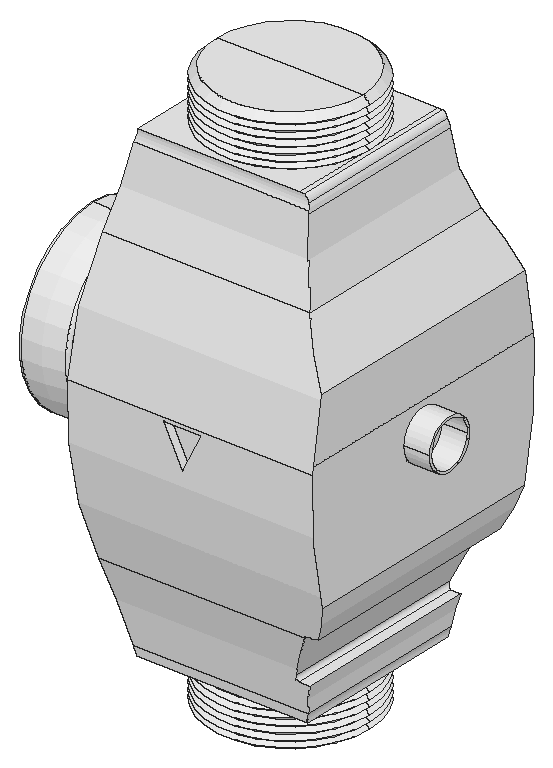
Revit family "13011-presto", category Plumbing Fixtures, Revit 2022
Family settings
  Round Connector Dimension = Use Diameter
  Part Type = Normal
  OmniClass Number = 23.45.00.00
  OmniClass Title = Sanitary, Laundry, and Cleaning Equipment
  Work Plane-Based = Yes
  Always vertical = Yes
  Cut with Voids When Loaded = No
  Maintain Annotation Orientation = No
  Shared = No
  Room Calculation Point = No
Parameters (values of type "13011- Les Robinets PRESTO")
  ref = "Ref: 13011 - PRESTO ECLAIR XL"
  range = "Self-Closing flush valves"
  pressure = 5.0 Pa
  min pressure = 1.0 Pa
  material = Chrome-plated brass body
  flow time = 9.0 s
  flow = 0.1 L/s
  brand = "Les Robinets PRESTO"
  URL = "https://www.prestodatashare.com/espacedoc/Fiches_Techniques/GB/13011.pdf"
  Recommended pressure = 3.0 Pa
  REF [instance] = "13011 - PRESTO ECLAIR XL"
  RANGE [instance] = "Self-Closing flush valves"
  Model = "13011"
  Description = "13011 - PRESTO ECLAIR XL"
  Default Elevation = 1219.2 mm
  > Standards & approvals = "Brass body in accordance with EN 1982, EN 12164, EN 12165\r\nMolded chrome-plated body in accordance with EN 12540\r\n200-hour neutral salt spray resistant (NSS) in accordance with ISO 9227"
  - Hydraulic supply = 15.00 mm
Reference planes
  plane 1 "Center (Front/Back)": y = 0
  plane 2: z = 0
  plane 3 "Center (Left/Right)": x = 0
Forms (mm)
  Extrusion 1, solid, material "Chrome-plated brass body" <- "material"
    sketch origin (0, 0, -25) x (1, 0, 0) y (0, 0, 1)
      loop
        arc (-5.228, 44.186) -> (-8.032, 49.623) -> (-10.783, 55.087) r 631.344
        arc (-10.783, 55.087) -> (-13.033, 62.299) -> (-13.826, 69.812) r 38.374
        arc (-13.826, 69.812) -> (-13.915, 70.65) -> (-14.169, 71.453) r 4.222
        arc (-14.169, 71.453) -> (-14.44, 72.211) -> (-15.057, 72.728) r 1.532
        line (-15.057, 72.728) -> (-16.03, 72.728) -> (-47.989, 72.728)
        arc (-47.989, 72.728) -> (-48.036, 71.863) -> (-48.268, 71.029) r 3.986
        arc (-48.268, 71.029) -> (-53.733, 26.017) -> (-48.268, -18.995) r 188.091
        arc (-48.268, -18.995) -> (-48.068, -19.621) -> (-47.986, -20.272) r 3.583
        line (-47.986, -20.272) -> (-14.224, -20.272)
        arc (-14.224, -20.272) -> (-14.135, -19.384) -> (-13.832, -18.544) r 3.635
        arc (-13.832, -18.544) -> (-13.501, -15.619) -> (-12.751, -12.772) r 20.324
        line (-12.751, -12.772) -> (-14.886, -12.772)
        arc (-14.886, -12.772) -> (-15.303, -12.277) -> (-15.302, -11.63) r 0.942
        arc (-15.302, -11.63) -> (-13.363, -6.858) -> (-11.115, -2.225) r 78.035
        arc (-11.115, -2.225) -> (-10.739, -1.685) -> (-10.103, -1.517) r 0.954
        arc (-10.103, -1.517) -> (-8.991, -1.481) -> (-7.933, -1.134) r 3.913
        arc (-7.933, -1.134) -> (-6.302, 2.48) -> (-5.228, 6.297) r 26.489
        line (-5.228, 6.297) -> (-5.228, 32.323) -> (-5.228, 44.186)
    from -42.524 to 40.543
  Extrusion 2, void
    sketch origin (0, 0, -25) x (0, 1, 0) y (0, 0, 1)
      loop
        line (-17.126, 73.036) -> (-17.948, 79.407) -> (-52.255, 79.407) -> (-52.255, -26.747) -> (-15.611, -26.747)
        arc (-15.611, -26.747) -> (-16.815, -22.7) -> (-17.565, -18.544) r 38.222
        arc (-17.565, -18.544) -> (-19.299, -10.262) -> (-21.945, -2.225) r 75.721
        arc (-21.945, -2.225) -> (-26.363, 14.017) -> (-27.181, 30.83) r 77.742
        arc (-27.181, 30.83) -> (-25.279, 43.238) -> (-21.133, 55.087) r 68.142
        arc (-21.133, 55.087) -> (-18.527, 62.544) -> (-17.34, 70.354) r 42.676
        arc (-17.34, 70.354) -> (-16.972, 71.674) -> (-17.126, 73.036) r 3.583
    from -79.096 to 52.526
  Extrusion 3, void
    sketch origin (0, 0, -25) x (0, -1, 0) y (0, 0, -1)
      loop
        arc (-17.126, -73.036) -> (-16.972, -71.674) -> (-17.34, -70.354) r 3.583
        arc (-17.34, -70.354) -> (-18.527, -62.544) -> (-21.133, -55.087) r 42.676
        arc (-21.133, -55.087) -> (-25.279, -43.238) -> (-27.181, -30.83) r 68.142
        arc (-27.181, -30.83) -> (-26.363, -14.017) -> (-21.945, 2.225) r 77.742
        arc (-21.945, 2.225) -> (-19.299, 10.262) -> (-17.565, 18.544) r 75.721
        arc (-17.565, 18.544) -> (-16.815, 22.7) -> (-15.611, 26.747) r 38.222
        line (-15.611, 26.747) -> (-52.255, 26.747) -> (-52.255, -79.407) -> (-17.948, -79.407) -> (-17.126, -73.036)
    from -79.096 to 52.526
  Revolve 4, solid, material "Chrome-plated brass body" <- "material"
    sketch origin (-207.813, 0, -60) x (1, 0, 0) y (0, 0, 1)
      loop
        line (176.362, 107.384) -> (176.362, 117.134) -> (161.962, 117.134) -> (160.612, 115.784) -> (161.755, 114.983) -> (160.612, 114.45) -> (161.755, 113.65) -> (160.612, 113.117) -> (161.755, 112.317) -> (160.612, 111.784) -> (161.755, 110.983) -> (160.612, 110.45) -> (161.755, 109.65) -> (160.612, 109.117) -> (161.664, 108.381) -> (160.612, 107.89) -> (161.335, 107.384) -> (176.362, 107.384)
      axis (176.362, 117.134) -> (176.362, 107.384)
    angle from 0 to 360
  Revolve 5, solid, material "Chrome-plated brass body" <- "material"
    sketch origin (-207.812, 0, -162.406) x (1, 0, 0) y (0, 0, 1)
      loop
        line (176.362, 107.384) -> (176.362, 117.134) -> (161.962, 117.134) -> (160.612, 115.784) -> (161.755, 114.983) -> (160.612, 114.45) -> (161.755, 113.65) -> (160.612, 113.117) -> (161.755, 112.317) -> (160.612, 111.784) -> (161.755, 110.983) -> (160.612, 110.45) -> (161.755, 109.65) -> (160.612, 109.117) -> (161.664, 108.381) -> (160.612, 107.89) -> (161.335, 107.384) -> (176.362, 107.384)
      axis (176.362, 117.134) -> (176.362, 107.384)
    angle from 0 to 360
  Revolve 6, solid, material "Chrome-plated brass body" <- "material"
    sketch origin (0, 0, -25) x (1, 0, 0) y (0, 0, 1)
      loop
        line (-61.301, 26.555) -> (-61.301, 43.123)
        arc (-61.301, 43.123) -> (-61.492, 43.651) -> (-61.977, 43.934) r 0.824
        arc (-61.977, 43.934) -> (-66.051, 44.445) -> (-70.156, 44.508) r 37.5
        arc (-70.156, 44.508) -> (-70.615, 44.328) -> (-70.863, 43.903) r 0.75
        arc (-70.863, 43.903) -> (-72.128, 35.27) -> (-72.551, 26.555) r 90
        line (-72.551, 26.555) -> (-61.301, 26.555)
      axis (-61.301, 26.555) -> (-72.551, 26.555)
    angle from 0 to 360
  Extrusion 7, solid, material "Chrome-plated brass body" <- "material"
    sketch origin (0, 0, -23.438) x (0, 1, 0) y (0, 0, 1)
      loop
        line (0, 40) -> (-12.99, 32.5) -> (-12.99, 17.5) -> (0, 10) -> (12.99, 17.5) -> (12.99, 32.5) -> (0, 40)
    from -61.605 to -50.254
  Extrusion 8, solid, material "Chrome-plated brass body" <- "material"
    sketch origin (0, 0, -25) x (0, 1, 0) y (0, 0, 1)
      loop
        circle (-0.082, 26.386) r 4.875
      loop
        circle (-0.082, 26.386) r 4.5
    from -7.135 to 0
  Extrusion 9, void
    sketch origin (0, 0, -25) x (1, 0, 0) y (0, 0, 1)
      loop
        line (-27.176, 30.305) -> (-34.676, 30.305) -> (-30.926, 22.805) -> (-27.176, 30.305)
    from 25.615 to 250
  Extrusion 10, void
    sketch origin (0, -0.165, -25) x (1, 0, 0) y (0, 0, -1)
      loop
        line (-27.176, -30.305) -> (-30.926, -22.805) -> (-34.676, -30.305) -> (-27.176, -30.305)
    from 26.661 to 250
  Extrusion 11, void
    sketch origin (-34.445, -11.58, 26.549) x (0.003645, -0.000055, 0.999993) y (0.007477, 0.999972, 0.000028)
      loop
        line (-16.793, 23.467) -> (-16.793, 25.996) -> (-19.937, 25.996) -> (-19.937, 25.196) -> (-18.746, 25.196) -> (-18.746, 23.467)
        arc (-18.746, 23.467) -> (-18.579, 23.065) -> (-18.177, 22.898) r 0.569
        line (-18.177, 22.898) -> (-17.363, 22.898)
        arc (-17.363, 22.898) -> (-16.96, 23.065) -> (-16.793, 23.467) r 0.569
      loop
        line (-17.365, 25.253) -> (-18.174, 25.253) -> (-18.174, 23.96)
        arc (-18.174, 23.96) -> (-17.77, 23.555) -> (-17.365, 23.96) r 0.405
        line (-17.365, 23.96) -> (-17.365, 25.253)
      loop
        line (-13.68, 19.277) -> (-13.68, 21.79) -> (-16.823, 21.79) -> (-16.823, 20.99) -> (-15.641, 20.99) -> (-15.641, 20.109)
        arc (-15.641, 20.109) -> (-15.703, 19.681) -> (-16.023, 19.39) r 0.64
        line (-16.023, 19.39) -> (-16.823, 19.39) -> (-16.823, 18.57) -> (-15.703, 18.57)
        arc (-15.703, 18.57) -> (-15.392, 18.864) -> (-15.277, 19.277) r 0.798
        arc (-15.277, 19.277) -> (-14.478, 18.479) -> (-13.68, 19.277) r 0.798
      loop
        line (-14.252, 20.988) -> (-15.052, 20.988) -> (-15.052, 19.695)
        arc (-15.052, 19.695) -> (-14.652, 19.295) -> (-14.252, 19.695) r 0.4
        line (-14.252, 19.695) -> (-14.252, 20.988)
      loop
        line (-11.565, 14.104) -> (-11.565, 16.934) -> (-14.708, 16.934) -> (-14.708, 14.104) -> (-13.908, 14.104) -> (-13.908, 16.098) -> (-12.365, 16.098) -> (-12.365, 14.104) -> (-11.565, 14.104)
      loop
        line (-12.736, 14.104) -> (-12.736, 15.91) -> (-13.536, 15.91) -> (-13.536, 14.104) -> (-12.736, 14.104)
      loop
        line (-10.64, 9.167) -> (-10.64, 11.07)
        arc (-10.64, 11.07) -> (-10.791, 11.491) -> (-11.174, 11.722) r 0.665
        line (-11.174, 11.722) -> (-11.959, 11.722)
        arc (-11.959, 11.722) -> (-12.342, 11.491) -> (-12.492, 11.07) r 0.665
        line (-12.492, 11.07) -> (-12.492, 9.097)
        arc (-12.492, 9.097) -> (-12.958, 9.922) -> (-12.663, 10.822) r 1.173
        line (-12.663, 10.822) -> (-12.663, 11.643)
        arc (-12.663, 11.643) -> (-13.261, 11.55) -> (-13.536, 11.011) r 0.665
        line (-13.536, 11.011) -> (-13.536, 9.108)
        arc (-13.536, 9.108) -> (-13.386, 8.687) -> (-13.003, 8.456) r 0.665
        line (-13.003, 8.456) -> (-12.218, 8.456)
        arc (-12.218, 8.456) -> (-11.834, 8.687) -> (-11.684, 9.108) r 0.665
        line (-11.684, 9.108) -> (-11.684, 11.08)
        arc (-11.684, 11.08) -> (-11.218, 10.256) -> (-11.513, 9.356) r 1.173
        line (-11.513, 9.356) -> (-11.513, 8.534)
        arc (-11.513, 8.534) -> (-10.915, 8.628) -> (-10.64, 9.167) r 0.665
      loop
        line (-11.76, 2.208) -> (-11.76, 5.343) -> (-12.576, 5.343) -> (-12.576, 4.203) -> (-15.016, 4.203) -> (-15.016, 3.364) -> (-12.576, 3.364) -> (-12.576, 2.208) -> (-11.76, 2.208)
      loop
        line (-15.839, -2.215) -> (-15.839, -0.178)
        arc (-15.839, -0.178) -> (-16.073, 0.388) -> (-16.639, 0.622) r 0.8
        line (-16.639, 0.622) -> (-17.721, 0.622)
        arc (-17.721, 0.622) -> (-18.286, 0.388) -> (-18.521, -0.178) r 0.8
        line (-18.521, -0.178) -> (-18.521, -2.215)
        arc (-18.521, -2.215) -> (-18.286, -2.781) -> (-17.721, -3.015) r 0.8
        line (-17.721, -3.015) -> (-16.639, -3.015)
        arc (-16.639, -3.015) -> (-16.073, -2.781) -> (-15.839, -2.215) r 0.8
      loop
        line (-16.521, -0.246) -> (-17.844, -0.246) -> (-17.844, -2.153) -> (-16.521, -2.153) -> (-16.521, -0.246)
    from 34.794 to 51.12
  Extrusion 12, void
    sketch origin (-34.445, 11.58, -23.334) x (0.003645, 0.000055, -0.999993) y (0.007477, -0.999972, -0.000028)
      loop
        line (-16.793, 23.467) -> (-16.793, 25.996) -> (-19.937, 25.996) -> (-19.937, 25.196) -> (-18.746, 25.196) -> (-18.746, 23.467)
        arc (-18.746, 23.467) -> (-18.579, 23.065) -> (-18.177, 22.898) r 0.569
        line (-18.177, 22.898) -> (-17.363, 22.898)
        arc (-17.363, 22.898) -> (-16.96, 23.065) -> (-16.793, 23.467) r 0.569
      loop
        line (-17.365, 25.253) -> (-18.174, 25.253) -> (-18.174, 23.96)
        arc (-18.174, 23.96) -> (-17.77, 23.555) -> (-17.365, 23.96) r 0.405
        line (-17.365, 23.96) -> (-17.365, 25.253)
      loop
        line (-13.68, 19.277) -> (-13.68, 21.79) -> (-16.823, 21.79) -> (-16.823, 20.99) -> (-15.641, 20.99) -> (-15.641, 20.109)
        arc (-15.641, 20.109) -> (-15.703, 19.681) -> (-16.023, 19.39) r 0.64
        line (-16.023, 19.39) -> (-16.823, 19.39) -> (-16.823, 18.57) -> (-15.703, 18.57)
        arc (-15.703, 18.57) -> (-15.392, 18.864) -> (-15.277, 19.277) r 0.798
        arc (-15.277, 19.277) -> (-14.478, 18.479) -> (-13.68, 19.277) r 0.798
      loop
        line (-14.252, 20.988) -> (-15.052, 20.988) -> (-15.052, 19.695)
        arc (-15.052, 19.695) -> (-14.652, 19.295) -> (-14.252, 19.695) r 0.4
        line (-14.252, 19.695) -> (-14.252, 20.988)
      loop
        line (-11.565, 14.104) -> (-11.565, 16.934) -> (-14.708, 16.934) -> (-14.708, 14.104) -> (-13.908, 14.104) -> (-13.908, 16.098) -> (-12.365, 16.098) -> (-12.365, 14.104) -> (-11.565, 14.104)
      loop
        line (-12.736, 14.104) -> (-12.736, 15.91) -> (-13.536, 15.91) -> (-13.536, 14.104) -> (-12.736, 14.104)
      loop
        line (-10.64, 9.167) -> (-10.64, 11.07)
        arc (-10.64, 11.07) -> (-10.791, 11.491) -> (-11.174, 11.722) r 0.665
        line (-11.174, 11.722) -> (-11.959, 11.722)
        arc (-11.959, 11.722) -> (-12.342, 11.491) -> (-12.492, 11.07) r 0.665
        line (-12.492, 11.07) -> (-12.492, 9.097)
        arc (-12.492, 9.097) -> (-12.958, 9.922) -> (-12.663, 10.822) r 1.173
        line (-12.663, 10.822) -> (-12.663, 11.643)
        arc (-12.663, 11.643) -> (-13.261, 11.55) -> (-13.536, 11.011) r 0.665
        line (-13.536, 11.011) -> (-13.536, 9.108)
        arc (-13.536, 9.108) -> (-13.386, 8.687) -> (-13.003, 8.456) r 0.665
        line (-13.003, 8.456) -> (-12.218, 8.456)
        arc (-12.218, 8.456) -> (-11.834, 8.687) -> (-11.684, 9.108) r 0.665
        line (-11.684, 9.108) -> (-11.684, 11.08)
        arc (-11.684, 11.08) -> (-11.218, 10.256) -> (-11.513, 9.356) r 1.173
        line (-11.513, 9.356) -> (-11.513, 8.534)
        arc (-11.513, 8.534) -> (-10.915, 8.628) -> (-10.64, 9.167) r 0.665
      loop
        line (-11.76, 2.208) -> (-11.76, 5.343) -> (-12.576, 5.343) -> (-12.576, 4.203) -> (-15.016, 4.203) -> (-15.016, 3.364) -> (-12.576, 3.364) -> (-12.576, 2.208) -> (-11.76, 2.208)
      loop
        line (-15.839, -2.215) -> (-15.839, -0.178)
        arc (-15.839, -0.178) -> (-16.073, 0.388) -> (-16.639, 0.622) r 0.8
        line (-16.639, 0.622) -> (-17.721, 0.622)
        arc (-17.721, 0.622) -> (-18.286, 0.388) -> (-18.521, -0.178) r 0.8
        line (-18.521, -0.178) -> (-18.521, -2.215)
        arc (-18.521, -2.215) -> (-18.286, -2.781) -> (-17.721, -3.015) r 0.8
        line (-17.721, -3.015) -> (-16.639, -3.015)
        arc (-16.639, -3.015) -> (-16.073, -2.781) -> (-15.839, -2.215) r 0.8
      loop
        line (-16.521, -0.246) -> (-17.844, -0.246) -> (-17.844, -2.153) -> (-16.521, -2.153) -> (-16.521, -0.246)
    from 34.794 to 51.12
Cuts and joins
  Extrusion 2, Extrusion 3, Extrusion 9, Extrusion 10 cuts Extrusion 1
  Extrusion 11, Extrusion 12 cuts Revolve 6
Dimensions and locks
  aligned and locked: level to plane 2
Connectors
  piping at (-31.451, 0, 57.134), diameter 32
    settings: on Revolve 4, index 1, connector inside diameter 609.6 mm, connector length 0 mm, flow factor 0, pipe flow 0.0 L/s, pressure drop 0.0 Pa, fitting loss kfactor 0, connector angle 0.00°, fixture units 0, engagement length 0 mm, angle of deflection 0.00°, flow configuration 0, flow direction 0, fitting loss method 0, system type 7, joint type 0, gender type 0, connector reference index -1, connector utility 0, adjustable connector no, is connector primary yes, connector description ""
  piping at (-31.451, 0, -55.022), diameter 32
    settings: on Revolve 5, index 2, connector inside diameter 609.6 mm, connector length 0 mm, flow factor 0, pipe flow 0.0 L/s, pressure drop 0.0 Pa, fitting loss kfactor 0, connector angle 0.00°, fixture units 0, engagement length 0 mm, angle of deflection 0.00°, flow configuration 0, flow direction 0, fitting loss method 0, system type 7, joint type 0, gender type 0, connector reference index -1, connector utility 0, adjustable connector no, is connector primary no, connector description ""
  piping at (0, -0.082, 1.386), diameter 10
    settings: on Extrusion 8, index 3, connector inside diameter 609.6 mm, connector length 0 mm, flow factor 0, pipe flow 0.0 L/s, pressure drop 0.0 Pa, fitting loss kfactor 0, connector angle 0.00°, fixture units 0, engagement length 0 mm, angle of deflection 0.00°, flow configuration 0, flow direction 0, fitting loss method 0, system type 7, joint type 0, gender type 0, connector reference index -1, connector utility 0, adjustable connector no, is connector primary no, connector description ""
